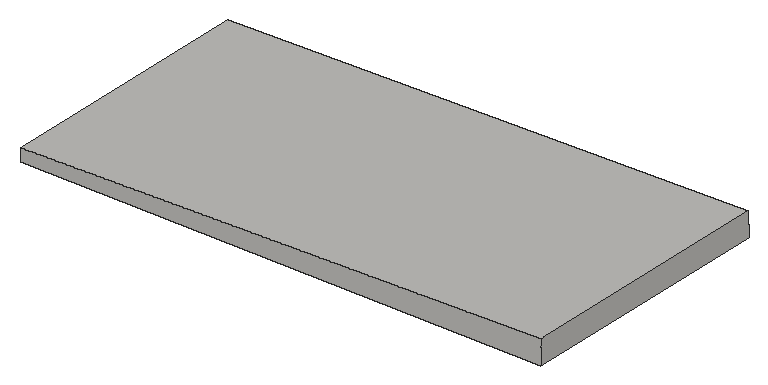
Revit family "ShowerBase_ProSlopeExtension_NobleCompany", category Specialty Equipment, host Face, Revit 2018
Family settings
  Host = Face
  Round Connector Dimension = Use Diameter
  Part Type = Normal
  OmniClass Number = 23.45.55.21
  OmniClass Title = Drains (Wastes)
  Cut with Voids When Loaded = No
  Shared = No
  Room Calculation Point = No
Parameters (values of type "20x40 Tapered")
  Width = 40"
  URL = "www.noblecompany.com"
  Type Comments = ""
  Tapered = yes
  Product Properties = "http://www.noblecompany.com/Portals/0/PRODUCT%20INFO/Product%20Descriptions/FreeStyle%20Linear%20Drain%20Product%20Decription%200410.pdf"
  Product Data = "http://www.noblecompany.com/Products/ShowerProducts/tabid/59/Default.aspx"
  Panel Size = 16"
  Model = "Pro Slope"
  MinThick = 1"
  Manufacturer Phone - Toll Free = "800-878-5788"
  Manufacturer Phone = "231-799-8000"
  Manufacturer Fax = "231-799-8850"
  Manufacturer Email = "mailto:sales@noblecompany.com"
  Manufacturer Address = "7300 Enterprise Drive, Spring Lake, MI  49456 USA"
  Manufacturer = "Noble Company"
  Hang = 1/8"
  Flat = no
  Drain Hole Diameter = 3"
  Depth = 20"
  Installation-Fabrication = "http://www.noblecompany.com/Portals/0/PRODUCT%20INFO/Product%20Descriptions/FreeStyle%20Linear%20Drain%20Product%20Decription%200410.pdf"
  Height = 1 7/8"
  Description = "Noble Pro Slope Shower Base"
  Cut_Side [instance] = 0"
  Cut_End [instance] = 0"
  Building Codes = "http://www.noblecompany.com/Portals/0/TECHNICAL%20INFO/Listing_Testing_Certification_Reports/PMG-1065%20Noble%20Company%20Linear%20Drain%20final%202.pdf"
  Base = Polymer coated Expanded Polystyrene
  Assembly Code = "D2030300"
  Default Elevation = 0"
Types (4): name | Width | Tapered | MinThick | Flat | Depth
  20x40 Flat | 40" | no | 1" | yes | 20"
  30x60 Flat | 60" | no | 1 1/4" | yes | 30"
  30x60 Tapered | 60" | yes | 1 1/4" | no | 30"
  20x40 Tapered | 40" | yes | 1" | no | 20"
Reference planes (in)
  plane 1 "Center (Front/Back)": y = 0
  plane 2: z = 0
  plane 3 "Center (Left/Right)": x = 0
  plane 4: x = 40
  plane 5: y = 20
  plane 6: z = 1.875
  plane 7: y = 20
  plane 8: x = 40
  plane 9: z = 1
Forms (in)
  Extrusion 1, solid, material "Polymer coated Expanded Polystyrene" <- "Base", visible <- "Tapered"
    sketch origin (0, 0, 0) x (1, 0, 0) y (0, 1, 0)
      loop
        line (0, 20) -> (0, 0) -> (40, 0) -> (40, 20) -> (0, 20)
    from 0 to 1.875
  Extrusion 2, void
    sketch origin (0, 0, 0) x (1, 0, 0) y (0, 1, 0)
      loop
        line (0, 20) -> (40, 20) -> (40, 0) -> (40.125, 0) -> (40.125, 20.125) -> (0, 20.125) -> (0, 20)
    from 0 to 1.875
  Extrusion 3, void
    sketch origin (0, 0, 0) x (1, 0, 0) y (0, 0, 1)
      loop
        line (40, 1.875) -> (0, 1.875) -> (0, 1) -> (40, 1.875)
    from 0 to -20
  Extrusion 4, solid, material "Polymer coated Expanded Polystyrene" <- "Base", visible <- "Flat"
    sketch origin (0, 0, 0) x (1, 0, 0) y (0, 1, 0)
      loop
        line (0, 20) -> (0, 0) -> (40, 0) -> (40, 20) -> (0, 20)
    from 0 to 1
Cuts and joins
  Extrusion 2, Extrusion 3 cuts Extrusion 1
  Extrusion 2 cuts Extrusion 4
Dimensions and locks (in)
  "Height": plane 6 to level
  "Cut_Side": plane 5 to plane 7
  "Cut_End": plane 8 to plane 4
  "Hang": plane 4 to Extrusion 2 sketch curve
  "Hang": Extrusion 2 sketch curve to plane 5
  "MinThick": plane 9 to level
  "Width": plane 3 "Center (Left/Right)" to plane 4
  "Depth": plane 1 "Center (Front/Back)" to plane 5
  "MinThick": Extrusion 3 sketch curve to level
  "Height": Extrusion 3 sketch curve to level
  aligned and locked: host face to plane 2
  aligned and locked: host face to level
  aligned and locked: Extrusion 1 sketch curve to plane 5
  aligned and locked: Extrusion 1 sketch curve to plane 4
  aligned and locked: Extrusion 1 to plane 6
  aligned and locked: Extrusion 2 sketch curve to plane 7
  aligned and locked: Extrusion 2 sketch curve to plane 8
  aligned and locked: Extrusion 2 to plane 6
  aligned and locked: Extrusion 1 sketch curve to plane 1 "Center (Front/Back)"
  aligned and locked: plane 3 "Center (Left/Right)" to Extrusion 1 sketch curve
  aligned and locked: plane 3 "Center (Left/Right)" to Extrusion 2 sketch curve
  aligned and locked: Extrusion 3 sketch curve to plane 3 "Center (Left/Right)"
  aligned and locked: plane 5 to Extrusion 3
  aligned and locked: Extrusion 4 sketch curve to plane 5
  aligned and locked: plane 3 "Center (Left/Right)" to Extrusion 4 sketch curve
  aligned and locked: Extrusion 4 sketch curve to plane 1 "Center (Front/Back)"
  aligned and locked: Extrusion 4 sketch curve to plane 4
  aligned and locked: Extrusion 4 to plane 9
Automatic sketch dimensions
  host sketch curve to host sketch curve = 145.84501"
  host sketch curve to host sketch curve = 91.0741"
  plane 1 "Center (Front/Back)" to Extrusion 2 sketch curve = 0"
  Extrusion 3 sketch curve to plane 4 = 0"
